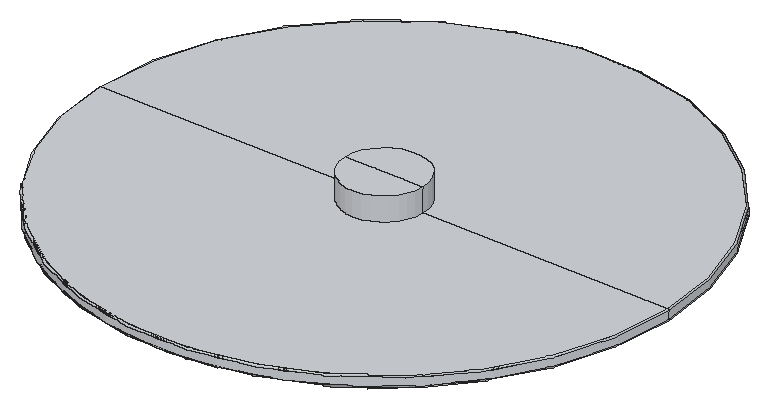
Revit family "WK - Isanka Lounge Chair - 192-10-2", category Furniture, Revit 2019
Family settings
  OmniClass Number = 23.40.20.00
  OmniClass Title = General Furniture and Specialties
  Work Plane-Based = No
  Always vertical = Yes
  Cut with Voids When Loaded = No
  Shared = No
  Room Calculation Point = No
Parameters (values of type "192-10")
  Width = "74cm (29\")"
  URL North America = "https://www.walter-k.com/products/lounge-chairs/isanka-armchair"
  URL = "https://www.walterknoll.de/en/products/lounge-chairs/isanka-armchair"
  Seat Height = "42cm (16.5\")"
  Seat Depth = "54cm (21.25\")"
  Manufacturer = "WK"
  Height = "79cm (31\")"
  Front Upholstery [instance] = none
  Depth = "84cm (33\")"
  Back Upholstery [instance] = none
  Frame [instance] = none
Reference planes (in)
  plane 1 "Center Front/Back": y = 0
  plane 2: z = 0
  plane 3 "Center Left/Right": x = 0
Forms (in)
  Revolve 1, solid, material <- "Frame"
    sketch origin (0, -2.92126, 0) x (1, 0, 0) y (0, 0, 1)
      loop
        line (-0.00039, 1.1811) -> (-1.1815, 1.1811) -> (-1.1815, 0.47244) -> (-8.62244, 0.47244)
        arc (-8.62244, 0.47244) -> (-8.65028, 0.46091) -> (-8.66181, 0.43307) r 0.03937
        line (-8.66181, 0.43307) -> (-8.66181, 0.19685)
        arc (-8.66181, 0.19685) -> (-8.65028, 0.16901) -> (-8.62244, 0.15748) r 0.03937
        line (-8.62244, 0.15748) -> (-0.00039, 0.15748) -> (-0.00039, 1.1811)
      axis (-0.00039, 1.1811) -> (-0.00039, 0.15748)
    angle from 0 to 360
  Extrusion 2, solid, material <- "Frame"
    sketch origin (0, 0, 0) x (1, 0, 0) y (0, 1, 0)
      loop
        arc (-8.30501, -1.59267) -> (-8.40987, -3.03316) -> (-8.26672, -4.47035) r 8.41022
        line (-8.26672, -4.47035) -> (-7.4941, -4.31893)
        arc (-7.4941, -4.31893) -> (-7.62271, -3.01839) -> (-7.52728, -1.715) r 7.62293
        line (-7.52728, -1.715) -> (-8.30501, -1.59267)
      loop
        line (-6.17566, -7.39062) -> (-6.8121, -7.85406)
        arc (-6.8121, -7.85406) -> (-5.86767, -8.94678) -> (-4.7502, -9.8618) r 8.41022
        line (-4.7502, -9.8618) -> (-4.31094, -9.20841)
        arc (-4.31094, -9.20841) -> (-5.3215, -8.37973) -> (-6.17566, -7.39062) r 7.62293
      loop
        line (-1.20665, -10.44815) -> (-1.32898, -11.22588)
        arc (-1.32898, -11.22588) -> (0.11151, -11.33073) -> (1.54869, -11.18758) r 8.41022
        line (1.54869, -11.18758) -> (1.39728, -10.41496)
        arc (1.39728, -10.41496) -> (0.09674, -10.54357) -> (-1.20665, -10.44815) r 7.62293
      loop
        line (4.46897, -9.09653) -> (4.9324, -9.73296)
        arc (4.9324, -9.73296) -> (6.02513, -8.78853) -> (6.94015, -7.67107) r 8.41022
        line (6.94015, -7.67107) -> (6.28676, -7.23181)
        arc (6.28676, -7.23181) -> (5.45808, -8.24236) -> (4.46897, -9.09653) r 7.62293
      loop
        line (7.52649, -4.12752) -> (8.30422, -4.24985)
        arc (8.30422, -4.24985) -> (8.40908, -2.80936) -> (8.26593, -1.37217) r 8.41022
        line (8.26593, -1.37217) -> (7.49331, -1.52359)
        arc (7.49331, -1.52359) -> (7.62192, -2.82413) -> (7.52649, -4.12752) r 7.62293
      loop
        line (6.17487, 1.5481) -> (6.81131, 2.01154)
        arc (6.81131, 2.01154) -> (5.86688, 3.10426) -> (4.74941, 4.01928) r 8.41022
        line (4.74941, 4.01928) -> (4.31015, 3.36589)
        arc (4.31015, 3.36589) -> (5.32071, 2.53721) -> (6.17487, 1.5481) r 7.62293
      loop
        line (1.20586, 4.60563) -> (1.32819, 5.38336)
        arc (1.32819, 5.38336) -> (-0.11229, 5.48821) -> (-1.54948, 5.34506) r 8.41022
        line (-1.54948, 5.34506) -> (-1.39807, 4.57244)
        arc (-1.39807, 4.57244) -> (-0.09753, 4.70105) -> (1.20586, 4.60563) r 7.62293
      loop
        line (-4.46975, 3.25401) -> (-4.93319, 3.89044)
        arc (-4.93319, 3.89044) -> (-6.02592, 2.94601) -> (-6.94094, 1.82855) r 8.41022
        line (-6.94094, 1.82855) -> (-6.28755, 1.38929)
        arc (-6.28755, 1.38929) -> (-5.45887, 2.39984) -> (-4.46975, 3.25401) r 7.62293
    from 0 to 0.15748
Lines and regions (in)
  Masking region 1
    outline origin (0, 0, 0) x (1, 0, 0) y (0, 1, 0)
      loop
        arc (0, 16.7447) -> (-4.25428, 16.31276) -> (-8.3487, 15.07935) r 22.37426
        line (-8.3487, 15.07935) -> (-8.50367, 14.93343)
        arc (-8.50367, 14.93343) -> (-12.56533, 1.23162) -> (-14.71301, -12.89723) r 104.14654
        arc (-14.71301, -12.89723) -> (-14.15086, -13.33265) -> (-13.4413, -13.28648) r 1.0039
        arc (-13.4413, -13.28648) -> (0, -16.74471) -> (13.4413, -13.28648) r 27.85068
        arc (13.4413, -13.28648) -> (14.15086, -13.33265) -> (14.71301, -12.89723) r 1.0039
        arc (14.71301, -12.89723) -> (12.56533, 1.23162) -> (8.50367, 14.93343) r 104.14654
        line (8.50367, 14.93343) -> (8.3487, 15.07935)
        arc (8.3487, 15.07935) -> (4.25428, 16.31276) -> (0, 16.7447) r 22.37426
  symbolic lines, style "Furniture", detail levels medium+fine
    curve 1: arc (10.12679, 9.83804, 0) -> (6.14472, 14.83451, 0) -> (0, 16.58491, 0) r 10.46569
    curve 2: arc (12.9726, -12.84768, 0) -> (13.82985, -13.37624, 0) -> (14.71445, -12.89487, 0) r 1.0039
    curve 3: arc (3.52787, 4.71938, 0) -> (7.03531, 2.35868, 0) -> (8.77162, -1.49622, 0) r 7.71398
    curve 4: arc (8.77162, -1.49622, 0) -> (10.40061, -7.34645, 0) -> (12.9726, -12.84768, 0) r 36.67668
    curve 5: arc (14.71445, -12.89487, 0) -> (12.93423, -1.42476, 0) -> (10.12679, 9.83804, 0) r 128.5702
    curve 6: arc (-10.12679, 9.83804, 0) -> (-6.14472, 14.83451, 0) -> (0, 16.58491, 0) r 10.46569
    curve 7: arc (-12.9726, -12.84768, 0) -> (-13.82985, -13.37624, 0) -> (-14.71445, -12.89487, 0) r 1.0039
    curve 8: arc (-3.52787, 4.71938, 0) -> (-7.03531, 2.35868, 0) -> (-8.77162, -1.49622, 0) r 7.71398
    curve 9: arc (-8.77162, -1.49622, 0) -> (-10.40061, -7.34645, 0) -> (-12.9726, -12.84768, 0) r 36.67668
    curve 10: arc (-14.71445, -12.89487, 0) -> (-12.93423, -1.42476, 0) -> (-10.12679, 9.83804, 0) r 128.5702
  symbolic lines, style "Furniture", detail levels fine
    curve 11: line (11.63168, 4.34246, 0) -> (9.41602, -1.42785, 0)
    curve 12: line (9.41602, -1.42785, 0) -> (8.77677, -1.52313, 0)
    curve 13: line (-11.63168, 4.34246, 0) -> (-9.41602, -1.42785, 0)
    curve 14: line (-9.41602, -1.42785, 0) -> (-8.77677, -1.52313, 0)
  symbolic lines, style "FurnitureHiddenLines", detail levels fine
    curve 15: circle (-0.00039, -2.92126, 0) r 8.66142 normal (0, 0, 1)
  symbolic lines, detail levels medium+fine
    curve 16: arc (3.52787, 4.71938, 0) -> (0, 5.27934, 0) -> (-3.52787, 4.71938, 0) r 11.39324
Dimensions and locks (in)
  aligned and locked: level to plane 2
